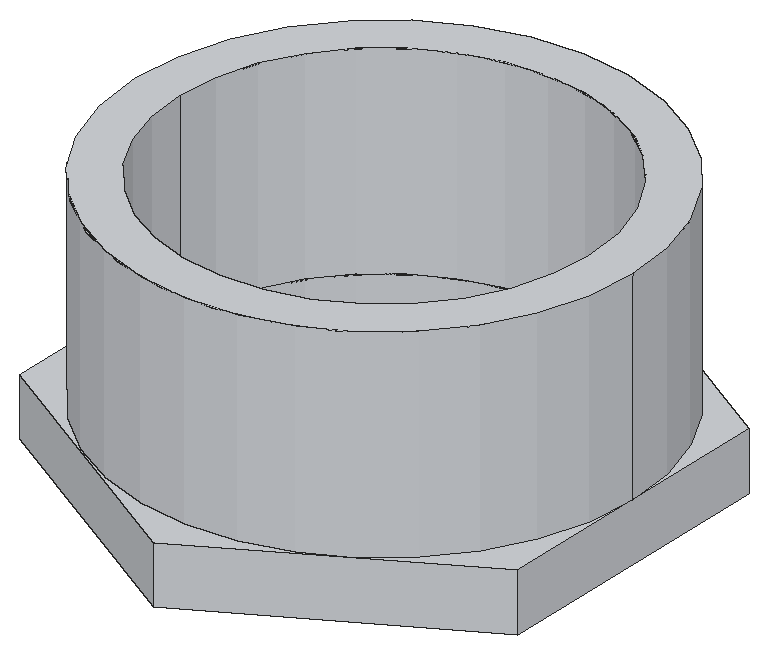
Revit family "MBBS2", category Generic Models, Revit 2017
Family settings
  Can host rebar = No
  Round Connector Dimension = Use Diameter
  Part Type = Normal
  Work Plane-Based = Yes
  Always vertical = No
  Cut with Voids When Loaded = No
  Shared = No
  Room Calculation Point = No
Parameters (values of type "NBS Standard Parameters")
  Weight = "0.0120Kg"
  WarrantyStartDate [instance] = "1900-12-31T23:59:59"
  WarrantyGuarantorParts = "n/a"
  WarrantyGuarantorLabor = "n/a"
  WarrantyDurationUnit = "1 year"
  WarrantyDurationParts = "1 year"
  WarrantyDurationLabor = "n/a"
  WarrantyDescription = "n/a"
  Version = "1"
  Uniclass2 = "Pr_65_70_11_20"
  TagNumber [instance] = "n/a"
  SustainabilityPerformance = "n/a"
  Size = "25mm"
  Shape = "Circular"
  SerialNumber [instance] = "n/a"
  Revision = "n/a"
  ReplacementCost = "n/a"
  ProductInformation = "www.metpro.co.uk/pdf/mbbs2.pdf"
  NominalWidth = 26 mm
  NominalLength = 26 mm
  NominalHeight = 10.5 mm
  Name = ""
  NBSTypeID = ""
  NBSReference = "90-55-10/460"
  NBSOfficeMasterTag = ""
  NBSNote = ""
  NBSDescription = "Conduit Fittings"
  NBSCertification = ""
  ModelReference = "MBBS2"
  ModelNumber = "n/a"
  Material = "Brass"
  ManufacturerURL = "www.metpro.co.uk"
  ManufacturerName = "Metpro Ltd"
  InstallationDate [instance] = "1900-12-31T23:59:59"
  IfcExportType = ""
  IfcExportAs = ""
  Grade = "n/a"
  Finish = "Self Colour"
  Features = "n/a"
  ExpectedLife = "n/a"
  DurationUnit = "year"
  Description = "MBBS2 - 25mm Male Brass Bush - Short"
  Default Elevation = 1219.2 mm
  Constituents = "n/a"
  Color = "n/a"
  CodePerformance = "n/a"
  Category = "n/a"
  BarCode [instance] = "n/a"
  BIMObjectName = "Metpro_metprolibrary_conduitfittings_metalcomponent_brassaccessories"
  Author = "Metpro Ltd"
  AssetType = "Fixed"
  AssetIdentifier [instance] = "n/a"
  AccessibilityPerformance = "n/a"
Reference planes
  plane 1 "Center (Front/Back)": y = 0
  plane 2: z = 0
  plane 3 "Center (Left/Right)": x = 0
Forms (mm)
  Extrusion 1, solid
    sketch origin (0, 0, 0) x (1, 0, 0) y (0, 1, 0)
      loop
        circle (8.689, 13.293) r 10.625
      loop
        line (21.606, 20.751) -> (8.689, 28.209) -> (-4.229, 20.751) -> (-4.229, 5.835) -> (8.689, -1.623) -> (21.606, 5.835) -> (21.606, 20.751)
    from 0 to 3
  Extrusion 2, solid
    sketch origin (0, 0, 3) x (1, 0, 0) y (0, 1, 0)
      loop
        circle (8.689, 13.293) r 10.625
      loop
        circle (8.689, 13.293) r 12.917
    from 0 to 10.5
Dimensions and locks
  aligned and locked: level to plane 2
